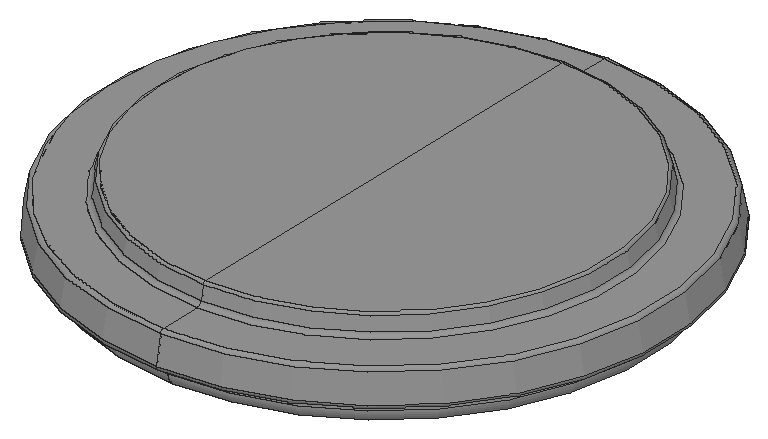
Revit family "FMK12_63_UN_Surface-mounted_ETK", category Lighting Fixtures, Revit 2017 (continued)
Definition of nested family "FMK.1 - Lightsource"
  Parameters (values of type "FMK.1109.10 - Ø250x48 / 12W")
      .3074\t362.9584\t356.0822\t348.9057\t341.5547\t333.4658\t324.7233\t315.2043\t305.4599\r\n295.3979\t285.0138\t274.2949\t263.3441\t252.1436\t240.673\t229.1092\t216.7556\t203.6489\t190.6285\r\n177.6172\t164.6138\t151.9279\t138.069\t124.3573\t110.9691\t98.0454\t84.9215\t72.6465\t61.0698\r\n50.4112\t40.6936\t35.2704\t0\t0\t0\r\n405.3384\t404.7358\t403.6054\t401.6444\t399.3643\t396.5593\t393.314\t389.4309\t385.2102\t380.3495\r\n375.0755\t369.3024\t362.9627\t356.1346\t348.8119\t341.1533\t333.0509\t324.8191\t315.78\t306.215\r\n295.8199\t285.344\t274.4807\t263.3654\t252.0105\t240.3294\t228.4188\t216.2955\t204.1547\t190.9552\r\n177.6559\t164.3516\t151.1392\t138.0976\t124.9346\t111.112\t97.7813\t85.0908\t72.4995\t60.8236\r\n50.1998\t40.6227\t31.9768\t0\t0\t0\r\n405.3384\t404.7394\t403.6288\t401.6757\t399.3884\t396.5714\t393.3026\t389.3159\t385.1739\t380.3831\r\n375.0444\t369.2837\t362.956\t356.1295\t348.8706\t341.18\t332.9079\t324.3902\t315.4019\t306.3387\r\n296.4924\t286.1092\t274.9998\t263.7539\t252.2169\t240.3569\t228.2903\t215.9582\t203.4707\t190.8257\r\n178.1521\t164.6391\t151.0517\t137.6572\t124.4578\t111.6543\t98.0732\t84.9738\t72.5741\t60.6864\r\n50.0183\t40.4977\t31.9697\t4.8432\t0\t0\r\n405.3384\t404.7427\t403.6495\t401.7142\t399.4239\t396.6035\t393.3116\t389.2988\t385.0507\t380.3528\r\n375.0118\t369.216\t362.9424\t356.1024\t348.8405\t341.157\t332.9643\t324.4004\t315.2581\t305.8867\r\n296.1029\t285.938\t275.5954\t264.5683\t253.012\t240.8416\t228.6197\t216.12\t203.4137\t190.5511\r\n177.5394\t164.5113\t151.5042\t137.8415\t124.2858\t111.0124\t98.1587\t85.3964\t72.5721\t60.6586\r\n49.8431\t40.3398\t31.931\t24.5537\t0\t0\r\n405.3384\t404.7456\t403.6676\t401.9218\t399.4709\t396.6554\t393.3437\t389.317\t385.04\t380.243\r\n374.8993\t369.1788\t362.9127\t356.0814\t348.8285\t341.0552\t332.9667\t324.3861\t315.3329\t305.9127\r\n296.0531\t285.7481\t275.1336\t264.1996\t252.9355\t241.4903\t229.4495\t216.9446\t203.9312\t190.8555\r\n177.6361\t164.3347\t151.0106\t137.654\t124.597\t111.2218\t97.8665\t85.0744\t72.9905\t60.8587\r\n49.815\t40.1794\t31.9054\t24.5054\t0\t0\r\n405.3384\t404.7481\t403.6828\t401.9564\t399.6914\t396.7268\t393.4009\t389.3708\t385.0755\t380.2591\r\n374.9017\t369.0922\t362.8034\t355.9918\t348.805\t341.0277\t332.9542\t324.3714\t315.323\t305.9089\r\n296.0316\t285.7934\t275.1661\t264.1403\t252.8273\t241.0499\t229.0201\t216.7244\t204.2369\t191.596\r\n178.5079\t164.9396\t151.3939\t137.7973\t124.3337\t110.9506\t97.9162\t85.2011\t72.5165\t60.7879\r\n50.1751\t40.1846\t31.8501\t23.7681\t2.338\t0\r\n405.3384\t404.7502\t403.6952\t401.9835\t399.7343\t396.9809\t393.6545\t389.6213\t385.1579\t380.3298\r\n374.9735\t369.1608\t362.846\t356.0361\t348.7566\t340.9866\t332.8783\t324.3112\t315.2718\t305.9036\r\n296.0215\t285.8004\t275.1776\t264.1337\t252.8169\t241.0716\t228.9767\t216.6471\t204.0279\t191.1324\r\n178.1226\t164.8871\t151.6027\t138.2841\t125.113\t111.6596\t98.1698\t85.1028\t72.5249\t60.7088\r\n49.8427\t40.2477\t31.8931\t21.6048\t12.7168\t0\r\n405.3384\t404.7519\t403.7047\t402.0029\t399.7635\t397.03\t393.713\t389.7065\t385.4214\t380.5969\r\n375.2629\t369.475\t363.1447\t356.3663\t348.9144\t341.1566\t333.0078\t324.4526\t315.4033\t305.9527\r\n296.0665\t285.8226\t275.1844\t264.1482\t252.8009\t241.0835\t228.992\t216.6758\t204.0446\t191.1483\r\n178.0991\t164.8272\t151.446\t137.9974\t124.5467\t111.2577\t98.1105\t85.2503\t72.8411\t61.1518\r\n50.0901\t40.257\t31.8235\t18.932\t9.3489\t0\r\n405.3384\t404.7532\t403.7114\t402.0142\t399.7786\t397.0514\t393.739\t389.7475\t385.4637\t380.6413\r\n375.3272\t369.5568\t363.2361\t356.4824\t349.2137\t341.4886\t333.3185\t324.7975\t315.7614\t306.3155\r\n296.46\t286.2066\t275.5669\t264.5527\t253.1872\t241.5059\t229.4265\t217.1363\t204.5303\t191.6199\r\n178.5573\t165.3425\t151.9521\t138.4682\t125.0895\t111.6993\t98.5664\t85.5623\t73.0265\t61.1343\r\n50.1318\t40.4051\t31.9542\t21.7475\t6.5313\t5.115\r\n405.3384\t404.754\t403.7153\t402.0176\t399.7799\t397.0445\t393.7329\t389.7445\t385.4448\t380.6084\r\n375.2927\t369.5081\t363.1813\t356.4003\t348.9923\t341.2089\t333.0605\t324.4816\t315.4612\t305.9997\r\n296.1643\t285.8652\t275.2287\t264.2095\t252.8526\t241.1526\t229.101\t216.7417\t204.1781\t191.2242\r\n178.2221\t164.9153\t151.5534\t138.1498\t124.6539\t111.3162\t98.1603\t85.2342\t72.8561\t61.1128\r\n50.0588\t40.2091\t31.6937\t20.0166\t8.2012\t0\r\n405.3384\t404.7543\t403.7164\t402.013\t399.7671\t397.0096\t393.6945\t389.6977\t385.2046\t380.352\r\n375.0326\t369.2271\t362.9198\t356.1028\t348.9072\t341.0925\t332.98\t324.3798\t315.392\t305.9858\r\n296.2178\t285.8843\t275.26\t264.2624\t252.9154\t241.2093\t229.1994\t216.7906\t204.2527\t191.2919\r\n178.3227\t165.0516\t151.7425\t138.4595\t125.2028\t111.7417\t98.2552\t85.1615\t72.5973\t60.695\r\n49.8045\t40.1873\t31.7885\t21.7366\t11.2598\t0\r\n405.3384\t404.7542\t403.7146\t402.0006\t399.7406\t396.7678\t393.4611\t389.4878\t385.1447\t380.2959\r\n374.9894\t369.1909\t362.9156\t356.0932\t349.0203\t341.1855\t333.0998\t324.4896\t315.505\t306.0503\r\n296.2967\t285.9572\t275.331\t264.3672\t253.0197\t241.2839\t229.3045\t217.0032\t204.5011\t191.8693\r\n178.7706\t165.2052\t151.6675\t138.0714\t124.5282\t111.1465\t98.0318\t85.3325\t72.6503\t60.8256\r\n50.1888\t40.1684\t31.7403\t23.8387\t2.1341\t0\r\n405.3384\t404.7538\t403.7099\t401.9802\t399.5366\t396.7102\t393.425\t389.473\t385.1305\t380.2987\r\n375.0145\t369.3042\t363.0627\t356.2162\t349.106\t341.2551\t333.1682\t324.5601\t315.5632\t306.141\r\n296.3633\t286.0264\t275.4542\t264.555\t253.2624\t241.8449\t229.7806\t217.3072\t204.2808\t191.2288\r\n177.9866\t164.6878\t151.3619\t138.0114\t124.8764\t111.4955\t98.1121\t85.3017\t73.1816\t61.0006\r\n49.9354\t40.2492\t31.8581\t24.0616\t0\t0\r\n405.3384\t404.7529\t403.7024\t401.7855\t399.5057\t396.672\t393.4155\t389.4941\t385.1611\t380.4304\r\n375.1514\t369.3736\t363.1395\t356.2714\t349.1759\t341.3116\t333.2219\t324.6532\t315.5562\t306.2275\r\n296.4426\t286.3163\t276.0481\t265.0023\t253.4229\t241.2876\t229.0238\t216.5536\t203.8543\t191.005\r\n177.9846\t164.9422\t151.916\t138.291\t124.7136\t111.4068\t98.5597\t85.7613\t72.9154\t60.9832\r\n50.0561\t40.469\t32.0115\t24.4608\t0\t0\r\n405.3384\t404.7516\t403.6921\t401.7609\t399.4864\t396.6542\t393.4316\t389.5502\t385.2972\t380.4985\r\n375.2108\t369.4721\t363.1917\t356.3183\t349.193\t341.3957\t333.2365\t324.7362\t315.7989\t306.7788\r\n296.9084\t286.5675\t275.5271\t264.2722\t252.7027\t240.881\t228.7997\t216.5107\t204.0057\t191.4\r\n178.6746\t165.1736\t151.62\t138.2129\t125.0328\t112.2055\t98.6188\t85.54\t73.0956\t61.0986\r\n50.3019\t40.733\t32.2345\t4.8967\t0\t0\r\n405.3384\t404.75\t403.6788\t401.7433\t399.4783\t396.6572\t393.4722\t389.7044\t385.3553\t380.5675\r\n375.2574\t369.5435\t363.2413\t356.3845\t349.1744\t341.4877\t333.4438\t325.2596\t316.2784\t306.7217\r\n296.3214\t285.8791\t275.0611\t263.9604\t252.5538\t240.9175\t229.0191\t216.9459\t204.7661\t191.62\r\n178.311\t165.0395\t151.8279\t138.8308\t125.6546\t111.8365\t98.5513\t85.8398\t73.1455\t61.3695\r\n50.6583\t41.0273\t32.3467\t0\t0\t0\r\n405.3384\t404.7481\t403.4984\t401.7323\t399.4809\t396.6816\t393.6002\t389.7628\t385.3879\t380.6249\r\n375.3103\t369.6017\t363.2788\t356.4193\t349.3183\t342.0005\t333.9181\t325.234\t315.723\t306.0027\r\n295.9581\t285.6313\t274.9371\t264.0009\t252.7885\t241.3531\t229.8173\t217.4635\t204.4063\t191.4145\r\n178.427\t165.4423\t152.7479\t138.9494\t125.2565\t111.8804\t98.9846\t85.7966\t73.4077\t61.7586\r\n51.0678\t41.3029\t35.9314\t0\t0\t0\r\n405.3384\t404.7459\t403.4868\t401.7275\t399.4939\t396.8049\t393.6964\t389.8271\t385.4477\t380.6827\r\n375.3624\t369.5737\t363.2853\t356.625\t349.7894\t342.1135\t333.759\t324.599\t315.3556\t305.743\r\n295.8442\t285.6417\t275.1541\t264.3786\t253.3631\t242.055\t229.5599\t217.0052\t204.3824\t191.6906\r\n178.9998\t166.3228\t152.4157\t138.7896\t125.4113\t112.3666\t98.8823\t86.0884\t73.8385\t62.2076\r\n51.4507\t41.5049\t9.2672\t0\t0\t0\r\n405.3384\t404.7435\t403.478\t401.7288\t399.5168\t396.8915\t393.7354\t389.8846\t385.51\t380.7375\r\n375.3452\t369.6573\t363.4574\t357.1354\t349.7768\t341.6159\t333.1585\t324.3199\t315.1808\t305.7265\r\n295.9778\t285.8984\t275.6341\t265.1894\t253.7973\t241.5638\t229.4041\t217.1091\t204.7446\t192.3795\r\n179.7114\t165.8581\t152.3268\t139.0102\t125.9366\t112.2715\t99.1358\t86.5458\t74.2047\t62.612\r\n51.7507\t41.5902\t0\t0\t0\t0\r\n405.3384\t404.741\t403.4718\t401.7355\t399.6011\t396.9432\t393.7681\t389.932\t385.5756\t380.7897\r\n375.443\t369.7964\t363.9098\t357.1325\t349.266\t341.3026\t332.9179\t324.2017\t315.1981\t305.9037\r\n296.2962\t286.4176\t276.3927\t264.9598\t253.3075\t241.5117\t229.5688\t217.5503\t205.6807\t192.889\r\n179.2192\t165.8323\t152.6025\t139.6031\t125.8415\t112.4783\t99.6521\t86.8233\t74.5452\t62.9366\r\n51.9651\t45.2945\t0\t0\t0\t0\r\n405.3384\t404.7384\t403.468\t401.7035\t399.6374\t396.995\t393.7953\t389.976\t385.6432\t380.7904\r\n375.5949\t370.2269\t363.9316\t356.6257\t349.0084\t341.1154\t332.8331\t324.2647\t315.4008\t306.248\r\n296.8025\t287.1037\t276.0069\t264.7758\t253.2929\t241.7441\t230.0366\t218.4803\t205.6712\t192.4158\r\n179.2213\t166.1495\t153.2387\t139.4918\t125.9849\t112.9057\t99.9291\t87.1192\t74.8871\t63.2173\r\n52.1109\t27.9746\t0\t0\t0\t0\r\n405.3384\t404.7356\t403.4661\t401.721\t399.6762\t397.0462\t393.8176\t390.0145\t385.6532\t380.9042\r\n376.0431\t370.2884\t363.5098\t356.3413\t348.8597\t341.046\t332.9079\t324.5096\t315.7699\t306.7777\r\n297.4737\t286.6989\t275.8167\t264.7874\t253.5532\t242.2253\t231.0102\t218.411\t205.3993\t192.4497\r\n179.5316\t166.8\t153.159\t139.579\t126.3414\t113.3926\t100.1751\t87.4289\t75.1955\t63.4659\r\n52.2017\t0\t0\t0\t0\t0\r\n405.3384\t404.733\t403.4662\t401.7455\t399.7183\t397.0964\t393.8361\t390.0426\t385.7336\t381.0623\r\n376.1774\t370.1947\t363.2695\t356.1775\t348.8218\t341.077\t333.1051\t324.8433\t316.2831\t307.407\r\n297.0552\t286.507\t275.8559\t265.0142\t254.068\t243.1527\t230.9509\t218.1938\t205.4481\t192.7251\r\n180.2403\t166.8035\t153.224\t139.9046\t126.9133\t113.5219\t100.4126\t87.721\t75.5131\t63.7099\r\n57.0316\t0\t0\t0\t0\t0\r\n405.3384\t404.5716\t403.4386\t401.8549\t399.7644\t397.1477\t393.8153\t390.002\t385.8374\t381.4986\r\n376.1612\t369.7301\t363.0994\t356.1235\t348.8626\t341.2479\t333.4258\t325.2712\t316.9727\t307.0391\r\n296.8833\t286.5553\t276.0726\t265.4683\t254.9632\t243.4246\t230.701\t218.2156\t205.734\t193.2729\r\n180.506\t166.8251\t153.4668\t140.3769\t127.1788\t113.733\t100.6865\t88.0472\t75.8087\t63.919\r\n43.4528\t0\t0\t0\t0\t0\r\n405.3384\t404.5695\t403.4417\t401.8908\t399.8151\t397.1871\t393.8464\t390.0614\t385.9622\t381.6097\r\n376.0288\t369.5594\t362.993\t356.1449\t348.9704\t341.541\t333.8527\t326.0241\t316.6929\t306.8713\r\n296.8954\t286.7633\t276.4678\t266.0998\t255.327\t242.9729\t230.7031\t218.4384\t206.1859\t193.9199\r\n180.3346\t166.9807\t153.8693\t140.944\t127.3398\t114.0243\t101.0379\t88.3884\t76.1048\t64.1488\r\n6.9749\t0\t0\t0\t0\t0\r\n405.3384\t404.5686\t403.4473\t401.9294\t399.8708\t397.2314\t393.888\t390.1481\t386.3292\t381.6146\r\n375.6081\t369.4572\t362.9708\t356.227\t349.1889\t341.9177\t334.6149\t326.1454\t316.446\t306.8487\r\n297.0678\t287.1294\t277.0477\t266.8305\t254.9174\t242.9076\t230.8971\t218.8564\t206.9584\t193.7008\r\n180.4704\t167.3299\t154.3451\t141.0443\t127.5319\t114.3124\t101.4067\t88.7971\t76.469\t71.0786\r\n0\t0\t0\t0\t0\t0\r\n405.3384\t404.569\t403.4551\t401.9709\t399.9722\t397.2767\t393.8644\t390.2693\t386.4315\t381.5224\r\n375.4757\t369.3969\t363.0172\t356.385\t349.5164\t342.3709\t334.9069\t325.7199\t316.401\t306.979\r\n297.3492\t287.6224\t277.9395\t266.5253\t254.8042\t243.0641\t231.2325\t219.4481\t206.9163\t193.7663\r\n180.6898\t167.7888\t154.9305\t141.1807\t127.788\t114.6467\t101.7684\t89.1631\t76.8256\t62.9035\r\n0\t0\t0\t0\t0\t0\r\n405.3384\t404.5705\t403.4652\t402.0157\t400.0296\t397.3244\t393.9524\t390.3898\t386.4749\t381.113\r\n375.39\t369.382\t363.1266\t356.6158\t349.8921\t343.0771\t334.5968\t325.6122\t316.4672\t307.1637\r\n297.7815\t288.4949\t278.1045\t266.4097\t254.8889\t243.3295\t231.7654\t220.041\t206.912\t193.9248\r\n181.0884\t168.4498\t154.9864\t141.4211\t128.0925\t114.9955\t102.1644\t89.5728\t77.2034\t43.5306\r\n0\t0\t0\t0\t0\t0\r\n405.3384\t404.5732\t403.4775\t402.0644\t400.0795\t397.3766\t394.0366\t390.7644\t386.4775\t380.975\r\n375.3478\t369.4303\t363.2985\t356.906\t350.3047\t343.2698\t334.4485\t325.6355\t316.6363\t307.5138\r\n298.2746\t288.9228\t277.7118\t266.4225\t255.1174\t243.7588\t232.5514\t219.9024\t207.0118\t194.237\r\n181.5343\t168.8621\t155.1371\t141.6853\t128.4567\t115.4149\t102.6013\t89.9956\t77.5994\t6.1612\r\n0\t0\t0\t0\t0\t0\r\n405.3384\t404.605\t403.4921\t402.1706\t400.1256\t397.4349\t394.1374\t390.8498\t386.4029\t380.8564\r\n375.3437\t369.5284\t363.5073\t357.2499\t350.9824\t342.9428\t334.3995\t325.7395\t316.8926\t307.9367\r\n299.1107\t288.6921\t277.6635\t266.5801\t255.4385\t244.3047\t232.8477\t219.9489\t207.2573\t194.6292\r\n182.2468\t168.8709\t155.3197\t141.9922\t128.8173\t115.8454\t103.0693\t90.4482\t83.823\t0\r\n0\t0\t0\t0\t0\t0\r\n405.3384\t404.6092\t403.5089\t402.2202\t400.1649\t397.5054\t394.2569\t390.9141\t386.0396\t380.7981\r\n375.3806\t369.6687\t363.7508\t357.6622\t351.1724\t342.8014\t334.443\t325.8965\t317.2661\t308.4567\r\n299.4568\t288.5546\t277.7444\t266.8384\t255.8901\t245.0273\t232.652\t220.0806\t207.5676\t195.1229\r\n182.656\t169.0149\t155.5887\t142.3178\t129.2005\t116.2829\t103.5207\t90.9268\t73.3602\t0\r\n0\t0\t0\t0\t0\t0\r\n405.3384\t404.614\t403.5281\t402.2649\t400.1971\t397.5179\t394.3957\t390.9455\t385.9448\t380.7925\r\n375.4413\t369.8494\t364.0508\t358.3505\t351.161\t342.7657\t334.5401\t326.1385\t317.6475\t309.3183\r\n299.1891\t288.5712\t277.89\t267.2003\t256.4247\t245.3251\t232.6711\t220.2807\t207.9213\t195.8312\r\n182.7021\t169.2073\t155.8647\t142.6715\t129.6369\t116.7502\t103.9952\t91.3868\t55.3711\t0\r\n0\t0\t0\t0\t0\t0\r\n405.3384\t404.6195\t403.5495\t402.3045\t400.1849\t397.5978\t394.5611\t390.9396\t385.8781\t380.8033\r\n375.5216\t370.0613\t364.3857\t358.5968\t350.8049\t342.7895\t334.6808\t326.4772\t318.1163\t309.6303\r\n299.1657\t288.6692\t278.1592\t267.6065\t257.2226\t245.1417\t232.8538\t220.5787\t208.3699\t196.2276\r\n182.7779\t169.4445\t156.1917\t143.0507\t130.0526\t117.1893\t104.4737\t91.888\t14.9821\t0\r\n0\t0\t0\t0\t0\t0\r\n405.3384\t404.6254\t403.6469\t402.3383\t400.2215\t397.6657\t394.9951\t390.922\t385.84\t380.8256\r\n375.6462\t370.3021\t364.75\t358.7051\t350.7659\t342.8768\t334.8803\t326.8245\t318.9273\t309.6814\r\n299.1757\t288.8703\t278.4899\t268.1142\t257.5065\t245.2123\t233.0786\t220.9546\t208.9027\t196.5301\r\n182.9565\t169.6559\t156.4872\t143.4595\t130.5097\t117.6817\t104.9699\t100.108\t0.6502\t0\r\n0\t0\t0\t0\t0\t0\r\n405.3384\t404.6318\t403.6785\t402.3663\t400.2653\t397.732\t395.2235\t390.6501\t385.8302\t380.8791\r\n375.8045\t370.5591\t365.4\t358.3926\t350.7621\t343.0161\t335.1646\t327.2095\t319.3184\t309.3844\r\n299.2447\t289.0934\t278.9038\t268.8799\t257.3545\t245.3439\t233.3422\t221.3813\t209.5947\t196.4708\r\n183.1827\t169.9774\t156.8633\t143.857\t130.9408\t118.1517\t105.4613\t92.7841\t0\t0\r\n0\t0\t0\t0\t0\t0\r\n405.3384\t404.6385\t403.7052\t402.3881\t400.3166\t397.7952\t395.3429\t390.6457\t385.8372\t380.9677\r\n375.9682\t370.8385\t365.6602\t358.3552\t350.8047\t343.1988\t335.4588\t327.6657\t319.4853\t309.4034\r\n299.4263\t289.3714\t279.3274\t269.2917\t257.4272\t245.5406\t233.6779\t221.8454\t209.9683\t196.6268\r\n183.419\t170.2891\t157.2574\t144.3065\t131.442\t118.6656\t105.9935\t80.5222\t0\t0\r\n0\t0\t0\t0\t0\t0\r\n405.3384\t404.6457\t403.7326\t402.3665\t400.4161\t397.857\t395.396\t390.6723\t385.8834\t381.0767\r\n376.1402\t371.1325\t365.8072\t358.3418\t350.9131\t343.3865\t335.8213\t328.3888\t319.2622\t309.4538\r\n299.6286\t289.7446\t279.8181\t269.489\t257.5447\t245.7949\t234.0481\t222.3431\t210.2072\t196.8266\r\n183.6843\t170.6331\t157.653\t144.7457\t131.9283\t119.1863\t106.5168\t64.2232\t0\t0\r\n0\t0\t0\t0\t0\t0\r\n405.3384\t404.653\t403.7604\t402.3925\t400.4719\t397.9008\t395.3299\t390.7762\t385.9545\t381.2013\r\n376.3717\t371.4185\t365.8707\t358.3762\t351.0464\t343.6475\t336.1597\t328.7689\t319.2512\t309.5955\r\n299.8696\t290.1313\t280.5664\t269.3554\t257.7081\t246.0696\t234.4691\t223.0433\t210.1501\t197.0336\r\n183.9883\t170.9859\t158.0592\t145.1996\t132.404\t119.6892\t118.4422\t23.1728\t0\t0\r\n0\t0\t0\t0\t0\t0\r\n405.3384\t404.6607\t403.7887\t402.4189\t400.5194\t397.9841\t395.3017\t390.8021\t386.0595\t381.3509\r\n376.609\t372.0059\t365.5606\t358.4337\t351.2047\t343.9111\t336.5735\t328.9592\t319.3349\t309.7464\r\n300.1592\t290.5524\t280.9613\t269.4605\t257.9307\t246.4161\t234.914\t223.4171\t210.3211\t197.2897\r\n184.2922\t171.347\t158.483\t145.6681\t132.9075\t120.2165\t117.0674\t9.6552\t0\t0\r\n0\t0\t0\t0\t0\t0\r\n405.3384\t404.6686\t403.8173\t402.4487\t400.4786\t398.0829\t395.2688\t390.7871\t386.236\t381.5158\r\n376.8425\t372.2831\t365.5322\t358.5043\t351.3888\t344.1966\t336.967\t329.1152\t319.3903\t309.9762\r\n300.4823\t290.9786\t281.208\t269.6236\t258.201\t246.7695\t235.373\t223.7185\t210.5437\t197.5625\r\n184.62\t171.7433\t158.9199\t146.1384\t133.4045\t120.7201\t112.4944\t0\t0\t0\r\n0\t0\t0\t0\t0\t0\r\n405.3384\t404.6766\t403.8462\t402.4819\t400.4915\t398.4796\t395.2303\t390.7186\t386.3508\t381.7085\r\n377.0908\t372.472\t365.5842\t358.5935\t351.5911\t344.5067\t337.626\t328.8535\t319.5738\t310.1918\r\n300.8214\t291.4589\t281.3564\t269.774\t258.4546\t247.1517\t236.0692\t223.714\t210.7672\t197.8524\r\n184.9795\t172.1582\t159.3682\t146.6102\t133.9159\t121.2568\t105.4062\t0\t0\t0\r\n0\t0\t0\t0\t0\t0\r\n405.3384\t404.6848\t403.8753\t402.5301\t400.5307\t398.583\t395.2103\t390.7119\t386.3893\t381.9396\r\n377.3461\t372.6104\t365.6471\t358.7464\t351.8034\t344.8396\t337.9433\t328.9321\t319.7183\t310.4987\r\n301.2264\t292.1181\t281.2334\t270.0005\t258.7428\t247.5101\t236.4684\t223.8595\t211.0006\t198.1587\r\n185.3479\t172.5544\t159.8035\t147.094\t134.4184\t121.7849\t96.4328\t0\t0\t0\r\n0\t0\t0\t0\t0\t0\r\n405.3384\t404.6931\t403.9067\t402.5674\t400.5765\t398.6722\t394.9664\t390.7235\t386.4539\t382.113\r\n377.6242\t372.7081\t365.7225\t358.9132\t352.048\t345.1659\t338.1961\t329.0359\t319.9072\t310.7682\r\n301.6096\t292.5131\t281.4098\t270.2271\t259.073\t247.9351\t236.8476\t224.0483\t21
      1.2287\t198.4476\r\n185.6936\t172.9579\t160.2642\t147.5784\t134.9349\t122.3252\t86.1454\t0\t0\t0\r\n0\t0\t0\t0\t0\t0\r\n405.3384\t404.7013\t403.9355\t402.6047\t400.6279\t398.7442\t394.9797\t390.7624\t386.5296\t382.2487\r\n377.8767\t372.7829\t365.8114\t359.0821\t352.3163\t345.4969\t338.3782\t329.1822\t320.1148\t311.0453\r\n301.9788\t292.7783\t281.6012\t270.5091\t259.4318\t248.3563\t237.1582\t224.2779\t211.525\t198.7849\r\n186.0555\t173.3757\t160.7092\t148.07\t135.4623\t122.8612\t75.0755\t0\t0\t0\r\n0\t0\t0\t0\t0\t0\r\n405.3384\t404.7096\t403.9642\t402.6417\t400.696\t398.8169\t394.9997\t390.8276\t386.6209\t382.4\r\n378.4045\t372.5543\t365.9079\t359.2494\t352.5682\t345.8699\t338.5647\t329.3189\t320.3594\t311.3938\r\n302.3891\t292.9835\t281.7699\t270.7837\t259.7753\t248.7659\t237.4402\t224.5309\t211.8182\t199.1223\r\n186.4527\t173.7952\t161.1646\t148.546\t135.9422\t136.5574\t36.2712\t0\t0\t0\r\n0\t0\t0\t0\t0\t0\r\n405.3384\t404.7178\t403.9929\t402.6782\t400.7519\t398.8854\t395.026\t390.892\t386.7324\t382.5558\r\n378.6203\t372.6325\t366.0305\t359.4259\t352.8102\t346.4602\t338.6937\t329.5211\t320.6143\t311.6861\r\n302.7765\t293.2351\t282.0305\t271.0823\t260.1226\t249.1874\t237.6911\t224.7942\t212.1326\t199.4867\r\n186.8497\t174.2259\t161.627\t149.0287\t136.4442\t136.3962\t26.9716\t0\t0\t0\r\n0\t0\t0\t0\t0\t0\r\n405.3384\t404.6914\t404.0217\t402.7091\t400.8043\t398.9593\t395.0594\t390.9615\t386.8432\t382.7092\r\n378.801\t372.7103\t366.1644\t359.6071\t353.0451\t346.7466\t338.5155\t329.6953\t320.856\t312.0088\r\n303.4086\t293.141\t282.2549\t271.3663\t260.4867\t249.8243\t237.7137\t225.078\t212.4489\t199.8329\r\n187.2298\t174.6407\t162.0656\t149.4977\t136.955\t135.4145\t19.5256\t0\t0\t0\r\n0\t0\t0\t0\t0\t0\r\n405.3384\t404.7005\t404.0507\t402.746\t400.8525\t399.0149\t395.1063\t391.0352\t386.9537\t382.8571\r\n378.9473\t372.7817\t366.3088\t359.7982\t353.2745\t346.9636\t338.607\t329.856\t321.0835\t312.3124\r\n303.7495\t293.3407\t282.511\t271.6734\t260.8498\t250.2149\t237.9693\t225.3524\t212.7549\t200.1806\r\n187.6084\t175.0519\t162.4906\t149.9475\t137.4166\t133.8797\t13.6311\t0\t0\t0\r\n0\t0\t0\t0\t0\t0\r\n405.3384\t404.7108\t404.0796\t402.7843\t400.8877\t399.06\t395.1456\t391.1188\t387.0668\t382.9967\r\n379.0731\t372.8602\t366.4344\t359.992\t353.5293\t347.231\t338.7751\t330.037\t321.3186\t312.5878\r\n304.0399\t293.5366\t282.7541\t271.985\t261.2033\t250.5727\t238.235\t225.6682\t213.1063\t200.5484\r\n187.9915\t175.44\t162.9051\t150.3796\t137.8499\t132.1112\t9.049\t0\t0\t0\r\n0\t0\t0\t0\t0\t0\r\n405.3384\t404.7219\t404.1089\t402.8238\t400.9307\t399.0883\t395.1801\t391.1927\t387.1857\t383.169\r\n379.2169\t372.9472\t366.5494\t360.1591\t353.7665\t347.4796\t338.9588\t330.2784\t321.6039\t312.9326\r\n304.37\t293.7905\t283.028\t272.2877\t261.5559\t250.9361\t238.5243\t225.9828\t213.451\t200.9164\r\n188.3884\t175.864\t163.3455\t150.8322\t138.3259\t130.4379\t5.5781\t0\t0\t0\r\n0\t0\t0\t0\t0\t0\r\n405.3384\t404.7342\t404.1351\t402.865\t400.9737\t399.12\t395.2037\t391.2563\t387.2891\t383.3216\r\n379.3873\t373.0758\t366.7069\t360.3353\t353.9603\t347.6673\t339.1189\t330.4846\t321.8502\t313.2065\r\n304.6365\t294.0074\t283.3053\t272.5923\t261.8888\t251.2466\t238.8042\t226.288\t213.7758\t201.2543\r\n188.7472\t176.2444\t163.7419\t151.2436\t138.7407\t128.9732\t3.0455\t0\t0\t0\r\n0\t0\t0\t0\t0\t0\r\n405.3384\t404.7473\t404.1652\t402.9077\t401.0164\t399.1498\t395.2384\t391.3183\t387.3793\t383.4461\r\n379.5207\t373.2102\t366.8716\t360.5312\t354.1897\t347.8811\t339.3172\t330.7163\t322.1136\t313.5188\r\n304.9383\t294.2817\t283.5867\t272.897\t262.2085\t251.5646\t239.0978\t226.5986\t214.1015\t201.6074\r\n189.1137\t176.6257\t164.1331\t151.6523\t139.1633\t127.9276\t1.3255\t0\t0\t0\r\n0\t0\t0\t0\t0\t0\r\n405.3384\t404.7615\t404.1956\t402.9517\t401.0448\t399.145\t395.2486\t391.3511\t387.4664\t383.5602\r\n379.6494\t373.3451\t367.0309\t360.7181\t354.3931\t348.0876\t339.524\t330.9519\t322.3792\t313.8076\r\n305.2448\t294.5755\t283.8944\t273.2262\t262.5489\t251.8832\t239.4077\t226.9344\t214.4518\t201.9798\r\n189.4978\t177.0255\t164.5446\t152.064\t139.5954\t127.4356\t0.3276\t0\t0\t0\r\n0\t0\t0\t0\t0\t0"
    Model = "FMK.1"
    Manufacturer = "ETK B.V."
    built-in parameter 1150105 = 278.52 (stored number, unit not read)
    Lumens = 3500 lm
    built-in parameter 1150115 = 1 (stored number, unit not read)
    built-in parameter 1150137 = (empty or 0)
    built-in parameter 1150139 = (empty or 0)
    built-in parameter 1150112 = 1 (stored number, unit not read)
    built-in parameter 1150114 = 1 (stored number, unit not read)
    Lamp = "LED"
    built-in parameter 1150132 = (empty or 0)
    built-in parameter 1150102 = (empty or 0)
    built-in parameter 1150107 = 3000 (stored number, unit not read)
    built-in parameter 1150138 = (empty or 0)
    built-in parameter 1150106 = 2.7852 (stored number, unit not read)
    built-in parameter 1150104 = 13.8 (stored number, unit not read)
    Dimming Lamp Color Temperature Shift = (empty or 0)
    Description = "Light sources"
    Default Elevation = 0 mm
    Copyright © IVLighting = "www.ivlighting.nl"
    Color Filter = 16777215
    Bundle = "120°"
    built-in parameter 1114218 = 1 (stored number, unit not read)
    built-in parameter 1150133 = 10 (stored number, unit not read)
    Assembly Code = "63.0"
    Apparent Load = 12 VA
